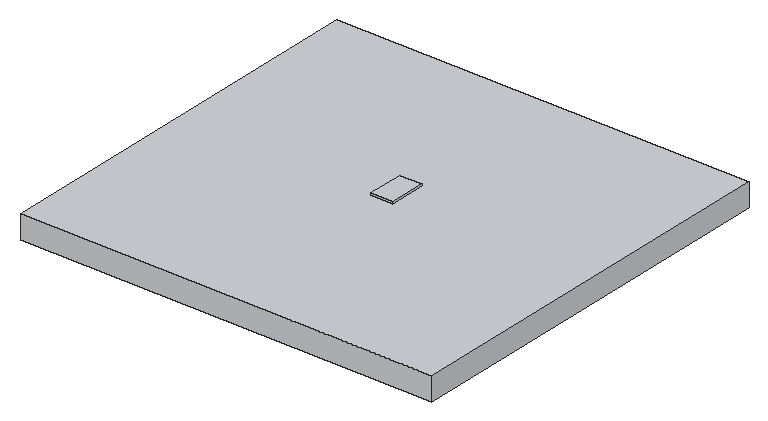
Revit family "M_Lighting Switches", category 灯具, Revit 2018
Family settings
  主体 = 面
  保持注释方向 = 是
  圆形连接件大小 = 使用直径
  零件类型 = 开关
  加载时剪切的空心 = 否
  共享 = 否
  房间计算点 = 否
Parameters (values of type "Single Pole")
  Switch Voltage [instance] = 120 V
  Label = ""
  默认高程 = 1200 mm
  Assembly Code = ""
  Apparent Load = 0 VA
Reference planes
  plane 1 "Center (Front/Back)": y = 0
  plane 2: z = 0
  plane 3 "Center (Left/Right)": x = 0
  plane 4: x = -34.925
  plane 5: x = 34.925
  plane 6: x = -19.05
  plane 7: x = 19.05
  plane 8: y = 57.15
  plane 9: y = -57.15
  plane 10: y = 38.1
  plane 11: y = -38.1
  plane 12 "level above": z = 4.762
  plane 13 "level below": z = -53.975
Forms (mm)
  Extrusion 1, solid
    sketch origin (0, 0, 0) x (1, 0, 0) y (0, 1, 0)
      loop
        line (-644.525, 571.5) -> (-644.525, -666.75) -> (644.525, -666.75) -> (644.525, 571.5) -> (-644.525, 571.5)
    from 0 to -72.672
  Extrusion 2, solid
    sketch origin (0, 0, 0) x (1, 0, 0) y (0, 1, 0)
      loop
        line (-34.925, 57.15) -> (-34.925, -57.15) -> (34.925, -57.15) -> (34.925, 57.15) -> (-34.925, 57.15)
    from 0 to 4.762
  Extrusion 3, solid, detail levels medium+fine
    sketch origin (0, 0, 0) x (1, 0, 0) y (0, 1, 0)
      loop
        line (-19.05, 38.1) -> (-19.05, -38.1) -> (19.05, -38.1) -> (19.05, 38.1) -> (-19.05, 38.1)
    from 0 to -53.975
Dimensions and locks
  equal spacing: plane 6, plane 3 "Center (Left/Right)", plane 7, locked at 19.05 each
  locked: plane 6 to plane 7 at 38.1
  equal spacing: plane 4, plane 3 "Center (Left/Right)", plane 5, locked at 34.925 each
  locked: plane 4 to plane 5 at 69.85
  locked: plane 8 to plane 9 at 114.3
  locked: plane 12 "level above" to level at 4.763
  locked: level to plane 13 "level below" at 53.975
  locked: plane 10 to plane 11 at 76.2
  equal spacing: plane 10, plane 1 "Center (Front/Back)", plane 11, locked at 38.1 each
  equal spacing: plane 8, plane 1 "Center (Front/Back)", plane 9, locked at 57.15 each
  aligned and locked: plane 2 to Extrusion 1
  aligned and locked: level to Extrusion 1
  aligned and locked: plane 8 to Extrusion 2
  aligned and locked: Extrusion 2 to plane 9
  aligned and locked: plane 5 to Extrusion 2
  aligned and locked: Extrusion 2 to plane 4
  aligned and locked: Extrusion 2 to level
  aligned and locked: plane 12 "level above" to Extrusion 2
  aligned and locked: plane 10 to Extrusion 3
  aligned and locked: Extrusion 3 to plane 6
  aligned and locked: plane 7 to Extrusion 3
  aligned and locked: Extrusion 3 to plane 11
  aligned and locked: Extrusion 3 to level
  aligned and locked: Extrusion 3 to plane 13 "level below"
  aligned and locked: plane 3 "Center (Left/Right)" to nested 1
  aligned and locked: plane 1 "Center (Front/Back)" to nested 1
Automatic sketch dimensions
  Extrusion 2 sketch curve to plane 4 = 0 mm
  Extrusion 2 sketch curve to plane 5 = 0 mm
  Extrusion 2 sketch curve to plane 9 = 0 mm
  Extrusion 2 sketch curve to plane 8 = 0 mm
  Extrusion 3 sketch curve to plane 6 = 0 mm
  Extrusion 3 sketch curve to plane 7 = 0 mm
  Extrusion 3 sketch curve to plane 11 = 0 mm
  Extrusion 3 sketch curve to plane 10 = 0 mm
  Extrusion 1 sketch curve to Extrusion 1 sketch curve = 1289.05 mm
  Extrusion 1 sketch curve to Extrusion 1 sketch curve = 1238.25 mm
Nested families
  nested 1: "M_Lighting Switches Annotation" at (0, 0, 0), type "M_Lighting Switches Annotation"
Connectors
  electrical at (0, 38.1, -26.988), driven by "Switch Voltage", driven by "Apparent Load"
    settings: on Extrusion 3, index 1, voltage 120 V, apparent load 0 VA, apparent load phase1 0 VA, apparent load phase2 0 VA, apparent load phase3 0 VA, power factor 1, load classification "Other", number of poles 1, system type 31, power factor state 1, is connector primary yes, connector utility no, sub classification motor no, connector description ""
Definition of nested family "M_Lighting Switches Annotation"
  Parameters
    Label = "T"
  Reference planes
    plane 1: y = 0
    plane 2: x = 0
  Lines and regions (mm)
    detail lines
      curve 1: line (0, 3.175, 0) -> (0, 0, 0)
      curve 3: arc (0.383, 2.833, 0) -> (-0.62, 2.459, 0) -> (0, 1.587, 0) r 0.674
      curve 4: arc (0, 1.587, 0) -> (0.392, 0.545, 0) -> (-0.718, 0.631, 0) r 0.66
    reference lines
      curve 2: line (0, 1.587, 0) -> (-3.044, 1.588, 0)
      curve 5: line (2.564, -1.199, 0) -> (2.564, 2.384, 0)
      curve 6: line (2.564, -1.199, 0) -> (7.201, -1.199, 0)
      curve 7: line (2.564, 1.163, 0) -> (7.878, 1.163, 0)
  Text (mm)
    label "2" at (1.592, -0.127, 0), shows "Label"
  Dimensions and locks
    locked: curve 6 to curve 7 at 2.362
    locked: curve 1 to curve 5 at 2.564
    locked: curve 1 to curve 1 at 3.175
    locked: plane 1 to curve 2 at 1.588
    aligned and locked: curve 1 to curve 2
    aligned and locked: curve 3 to curve 2
    aligned and locked: curve 4 to curve 2
    aligned and locked: plane 1 to curve 1
    aligned and locked: curve 1 to plane 2
    aligned and locked: plane 2 to curve 1
